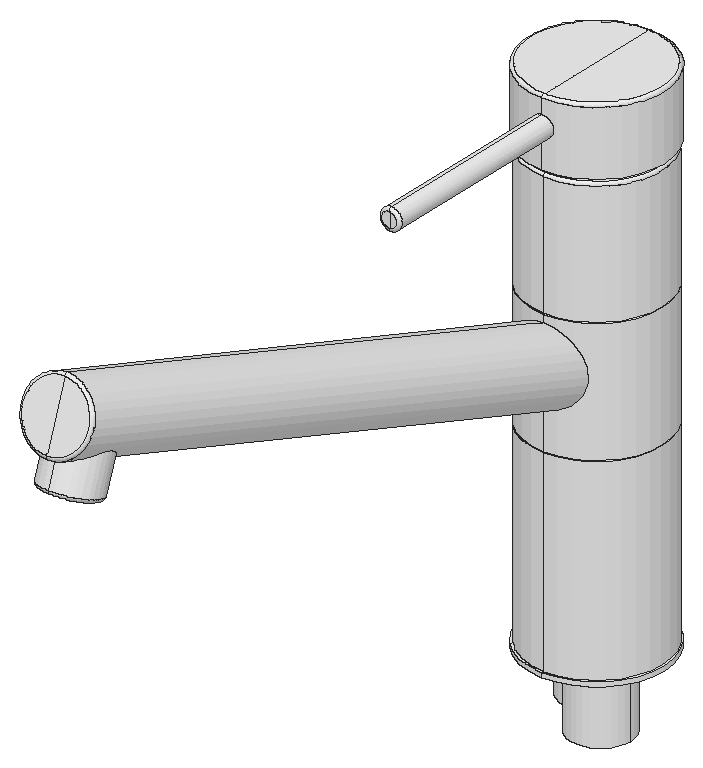
Revit family "Mixer-Sink-Irwell Pin Lever", category Plumbing Fixtures, host Face, Revit 2013
Parameters (values of type "Standard")
  Waste Connection = no
  Vent Connection = no
  URL = "www.irwell.com.au"
  Type Comments = "Irwell Pin Lever Sink Mixer"  # constant formula
  ModifiedIssue_ANZRS = 2013.1  # constant formula
  Model = "872551C4A"  # constant formula
  Material_ANZRS = Metal-Chrome-Caroma
  Manufacturer = "GWA Bathrooms & Kitchens"  # constant formula
  HWFU = 1.98  # constant formula
  HW Connection = yes
  Description = "WELS 4 Star Rated, 7.5L/min"  # constant formula
  Default Elevation = 0 mm
  CreatedBy_ANZRS = "Design Content"  # constant formula
  CreatedByURL_ANZRS = "www.designcontent.com.au"
  Cost = 0
  Connector Radius = 10 mm
  CWFU = 1.98  # constant formula
  CW Connection = yes
  Assembly Code = "C1030210"
Reference planes
  plane 1 "Center (Front/Back)": y = 0
  plane 2: z = 0
  plane 3 "Center (Left/Right)": x = 0
Forms (mm)
  Revolve 1, solid, material "Metal-Chrome-Caroma" <- "Material_ANZRS"
    sketch origin (0, 0, 0) x (0, 1, 0) y (0, 0, 1)
      loop
        line (0, 0) -> (0, 1.5) -> (-22.68, 1.5) -> (-22.68, 0) -> (0, 0)
      axis (0, 0) -> (0, 1.5)
    angle from 0 to 360
  Revolve 2, solid, material "Metal-Chrome-Caroma" <- "Material_ANZRS"
    sketch origin (0, -129.116, 51.581) x (0, 1, 0) y (0, 0, 1)
      loop
        line (42.586, 115.967) -> (42.586, 113.419) -> (117.568, 113.419) -> (117.568, 116.943) -> (43.563, 116.943)
        arc (43.563, 116.943) -> (42.872, 116.657) -> (42.586, 115.967) r 0.977
      axis (42.586, 113.419) -> (117.568, 113.419)
    angle from 0 to 360
  Revolve 3, solid, material "Metal-Chrome-Caroma" <- "Material_ANZRS"
    sketch origin (0, -169.116, -46.929) x (0, 1, 0) y (0, 0, 1)
      loop
        line (-53.056, 224.757) -> (-56.819, 214.42) -> (164.009, 134.045) -> (168.108, 145.306) -> (-51.797, 225.345)
        arc (-51.797, 225.345) -> (-52.548, 225.312) -> (-53.056, 224.757) r 0.983
      axis (-56.819, 214.42) -> (164.009, 134.045)
    angle from 0 to 360
  Revolve 4, solid, material "Metal-Chrome-Caroma" <- "Material_ANZRS"
    sketch origin (0, -67.487, 0) x (0, 1, 0) y (0, 0, 1)
      loop
        line (-152.754, 142.222) -> (-144.751, 139.309)
        arc (-144.751, 139.309) -> (-144, 139.342) -> (-143.493, 139.896) r 0.982
        line (-143.493, 139.896) -> (-136.274, 159.729) -> (-145.2, 162.978) -> (-152.754, 142.222)
      axis (-152.754, 142.222) -> (-145.2, 162.978)
    angle from 0 to 360
  Extrusion 5, solid, material "Metal-Chrome-Caroma" <- "Material_ANZRS"
    sketch origin (14.142, 0, 0) x (1, 0, 0) y (0, 1, 0)
      loop
        circle (-7.071, -7.071) r 10
    from -20 to 0
  Extrusion 6, solid, material "Metal-Chrome-Caroma" <- "Material_ANZRS"
    sketch origin (-14.142, 0, 0) x (-1, 0, 0) y (0, -1, 0)
      loop
        circle (-7.071, -7.071) r 10
    from -20 to 0
  Revolve 7, solid, material "Metal-Chrome-Caroma" <- "Material_ANZRS"
    sketch origin (0, 0, 0) x (0, 1, 0) y (0, 0, 1)
      loop
        line (-21.981, 1.5) -> (0, 1.5) -> (0, 174.5) -> (-21.733, 174.5)
        arc (-21.733, 174.5) -> (-22.438, 174.208) -> (-22.73, 173.503) r 0.997
        line (-22.73, 173.503) -> (-22.73, 152) -> (-20.63, 152)
        arc (-20.63, 152) -> (-20.82, 151.253) -> (-20.981, 150.5) r 19.78
        arc (-20.981, 150.5) -> (-21.688, 150.206) -> (-21.981, 149.499) r 1.001
        line (-21.981, 149.499) -> (-21.981, 108.776) -> (-19.493, 108.776) -> (-19.493, 67) -> (-21.981, 67) -> (-21.981, 1.5)
      axis (0, 1.5) -> (0, 174.5)
    angle from 0 to 360
  Revolve 8, solid, material "Metal-Chrome-Caroma" <- "Material_ANZRS"
    sketch origin (0, 0, 0) x (0, 1, 0) y (0, 0, 1)
      loop
        line (-21.981, 67.37) -> (0, 67.37) -> (0, 108.37) -> (-21.981, 108.37) -> (-21.981, 67.37)
      axis (0, 67.37) -> (0, 108.37)
    angle from 0 to 360
Cuts and joins
  joined: Revolve 1, Revolve 2, Revolve 3, Revolve 4, Revolve 7, Revolve 8
Lines and regions (mm)
  Masking region 1
    outline origin (0, 0, 0) x (0, 1, 0) y (0, 0, 1)
      loop
        line (-21.981, 1.5) -> (0, 1.5) -> (21.981, 1.5) -> (21.981, 149.499)
        arc (21.981, 149.499) -> (21.688, 150.206) -> (20.981, 150.5) r 1.001
        arc (20.981, 150.5) -> (20.82, 151.253) -> (20.63, 152) r 19.78
        line (20.63, 152) -> (22.73, 152) -> (22.73, 173.503)
        arc (22.73, 173.503) -> (22.438, 174.208) -> (21.733, 174.5) r 0.997
        line (21.733, 174.5) -> (0, 174.5) -> (-21.733, 174.5)
        arc (-21.733, 174.5) -> (-22.438, 174.208) -> (-22.73, 173.503) r 0.997
        line (-22.73, 173.503) -> (-22.73, 168.524) -> (-85.51, 168.524)
        arc (-85.51, 168.524) -> (-86.217, 168.231) -> (-86.51, 167.524) r 1
        line (-86.51, 167.524) -> (-86.51, 162.476)
        arc (-86.51, 162.476) -> (-86.217, 161.769) -> (-85.51, 161.476) r 1
        line (-85.51, 161.476) -> (-22.73, 161.476) -> (-22.73, 152) -> (-20.63, 152)
        arc (-20.63, 152) -> (-20.82, 151.253) -> (-20.981, 150.5) r 19.78
        arc (-20.981, 150.5) -> (-21.688, 150.206) -> (-21.981, 149.499) r 1.001
        line (-21.981, 149.499) -> (-21.981, 106.098) -> (-220.877, 178.49)
        arc (-220.877, 178.49) -> (-221.641, 178.457) -> (-222.158, 177.892) r 1
        line (-222.158, 177.892) -> (-229.672, 157.25)
        arc (-229.672, 157.25) -> (-229.638, 156.485) -> (-229.074, 155.968) r 1
        line (-229.074, 155.968) -> (-225.787, 154.772) -> (-228.798, 146.5)
        arc (-228.798, 146.5) -> (-228.765, 145.736) -> (-228.2, 145.219) r 1
        line (-228.2, 145.219) -> (-212.228, 139.405)
        arc (-212.228, 139.405) -> (-211.463, 139.438) -> (-210.946, 140.003) r 1
        line (-210.946, 140.003) -> (-207.935, 148.274) -> (-21.981, 80.592) -> (-21.981, 1.5)
  Masking region 2
    outline origin (0, 0, 0) x (1, 0, 0) y (0, 0, 1)
      loop
        line (21.981, 1.5) -> (21.981, 149.499)
        arc (21.981, 149.499) -> (21.688, 150.206) -> (20.981, 150.5) r 1.001
        arc (20.981, 150.5) -> (20.82, 151.253) -> (20.63, 152) r 19.78
        line (20.63, 152) -> (22.73, 152) -> (22.73, 173.503)
        arc (22.73, 173.503) -> (22.438, 174.208) -> (21.733, 174.5) r 0.997
        line (21.733, 174.5) -> (9.131, 174.5)
        spline (9.131, 174.5) -> (7.918, 175.652) -> (6.541, 176.629) -> (5.028, 177.41) -> (3.411, 177.981) -> (1.723, 178.327) -> (0, 178.444) -> (-1.723, 178.327) -> (-3.411, 177.981) -> (-5.028, 177.41) -> (-6.541, 176.629) -> (-7.918, 175.652) -> (-9.131, 174.5)
        line (-9.131, 174.5) -> (-21.733, 174.5)
        arc (-21.733, 174.5) -> (-22.438, 174.208) -> (-22.73, 173.503) r 0.997
        line (-22.73, 173.503) -> (-22.73, 152) -> (-20.63, 152)
        arc (-20.63, 152) -> (-20.82, 151.253) -> (-20.981, 150.5) r 19.78
        arc (-20.981, 150.5) -> (-21.688, 150.206) -> (-21.981, 149.499) r 1.001
        line (-21.981, 149.499) -> (-21.981, 1.5) -> (0, 1.5) -> (21.981, 1.5)
  Masking region 3
    outline origin (0, 0, 0) x (1, 0, 0) y (0, 1, 0)
      loop
        line (11.984, -225.542) -> (11.984, -19.047)
        arc (11.984, -19.047) -> (0, 22.73) -> (-11.984, -19.047) r 22.608
        line (-11.984, -19.047) -> (-11.984, -225.573)
        spline (-11.984, -225.573) -> (-11.576, -226.66) -> (-10.379, -227.672) -> (-8.476, -228.541) -> (-5.995, -229.209) -> (-3.105, -229.628) -> (-0.005, -229.771) -> (3.096, -229.628) -> (5.985, -229.209) -> (8.466, -228.541) -> (10.37, -227.672) -> (11.566, -226.66) -> (11.984, -225.542)
  Masking region 4
    outline origin (0, 0, 0) x (0, 1, 0) y (0, 0, 1)
      loop
        line (22.68, 1.5) -> (-22.68, 1.5) -> (-22.68, 0) -> (22.68, 0) -> (22.68, 1.5)
  Masking region 5
    outline origin (0, 0, 0) x (1, 0, 0) y (0, 0, 1)
      loop
        line (-22.679, 0) -> (22.679, 0) -> (22.679, 1.5) -> (-22.679, 1.5) -> (-22.679, 0)
  symbolic lines
    curve 1: arc (0, -22.504, 0) -> (-22.504, 0, 0) -> (0, 22.504, 0) r 22.504
    curve 2: arc (0, 22.504, 0) -> (22.504, 0, 0) -> (0, -22.504, 0) r 22.504
    curve 3: arc (0, -22.73, 168.524) -> (0, -22.441, 165) -> (0, -22.73, 161.476) r 21.611
    curve 4: line (0, 20.63, 152) -> (0, -20.63, 152)
    curve 5: line (0, -20.981, 150.5) -> (0, 20.981, 150.5)
    curve 6: line (-20.63, 0, 152) -> (-12, 0, 152)
    curve 7: line (-20.981, 0, 150.5) -> (-12, 0, 150.5)
    curve 8: line (-3.498, -22.46, 0) -> (-3.498, -85.535, 0)
    curve 9: line (-2.498, -86.535, 0) -> (0, -86.535, 0)
    curve 10: arc (-3.498, -85.535, 0) -> (-3.205, -86.242, 0) -> (-2.498, -86.535, 0) r 1
    curve 11: line (3.498, -22.46, 0) -> (3.498, -85.535, 0)
    curve 12: line (2.498, -86.535, 0) -> (0, -86.535, 0)
    curve 13: arc (3.498, -85.535, 0) -> (3.205, -86.242, 0) -> (2.498, -86.535, 0) r 1
    curve 14: line (0, -21.981, 106.011) -> (0, -21.981, 80.505)
    curve 15: line (0, -207.959, 148.196) -> (0, -225.811, 154.693)
    curve 16: line (0, -21.981, 108.37) -> (0, 21.981, 108.37)
    curve 17: line (0, -21.981, 108.776) -> (0, 21.981, 108.776)
    curve 18: line (0, -21.981, 67.37) -> (0, 21.981, 67.37)
    curve 19: line (0, -21.981, 67) -> (0, 21.981, 67)
    curve 20: line (-21.981, 0, 67) -> (21.981, 0, 67)
    curve 21: line (21.981, 0, 67.37) -> (-21.981, 0, 67.37)
    curve 22: line (-12, 0, 91.849) -> (-12, 0, 167.213)
    curve 23: spline (-12, 0, 167.213) -> (-11.591, 0, 170.119) -> (-10.392, 0, 172.828) -> (-8.485, 0, 175.154) -> (-6, 0, 176.939) -> (-3.106, 0, 178.061) -> (0, 0, 178.444) -> (3.106, 0, 178.061) -> (6, 0, 176.939) -> (8.485, 0, 175.154) -> (10.392, 0, 172.828) -> (11.591, 0, 170.119) -> (12, 0, 167.213)
    curve 24: line (12, 0, 91.849) -> (12, 0, 167.213)
    curve 25: spline (-12, 0, 91.849) -> (-11.591, 0, 88.913) -> (-10.392, 0, 86.177) -> (-8.485, 0, 83.828) -> (-6, 0, 82.025) -> (-3.106, 0, 80.892) -> (0, 0, 80.505) -> (3.106, 0, 80.892) -> (6, 0, 82.025) -> (8.485, 0, 83.828) -> (10.392, 0, 86.177) -> (11.591, 0, 88.913) -> (12, 0, 91.849)
    curve 26: arc (-5.757, 0, 155.394) -> (-2.9, 0, 154.869) -> (0, 0, 154.693) r 23.985
    curve 27: arc (-8.662, 0, 156.251) -> (-7.219, 0, 155.79) -> (-5.757, 0, 155.394) r 34.149
    curve 28: arc (-9.209, 0, 156.288) -> (-8.933, 0, 156.306) -> (-8.662, 0, 156.251) r 1.053
    curve 29: arc (-9.505, 0, 155.846) -> (-9.449, 0, 156.129) -> (-9.209, 0, 156.288) r 0.376
    curve 30: line (-9.505, 0, 155.846) -> (-9.505, 0, 143.151)
    curve 31: arc (5.757, 0, 155.394) -> (2.9, 0, 154.869) -> (0, 0, 154.693) r 23.985
    curve 32: arc (8.662, 0, 156.251) -> (7.219, 0, 155.79) -> (5.757, 0, 155.394) r 34.149
    curve 33: arc (9.209, 0, 156.288) -> (8.933, 0, 156.306) -> (8.662, 0, 156.251) r 1.053
    curve 34: arc (9.505, 0, 155.846) -> (9.449, 0, 156.129) -> (9.209, 0, 156.288) r 0.376
    curve 35: line (9.505, 0, 155.846) -> (9.505, 0, 143.151)
    curve 36: spline (-9.505, 0, 143.151) -> (-9.181, 0, 142.14) -> (-8.232, 0, 141.197) -> (-6.721, 0, 140.388) -> (-4.753, 0, 139.768) -> (-2.46, 0, 139.377) -> (0, 0, 139.244) -> (2.46, 0, 139.377) -> (4.753, 0, 139.768) -> (6.721, 0, 140.388) -> (8.232, 0, 141.197) -> (9.181, 0, 142.14) -> (9.505, 0, 143.151)
    curve 37: spline (-12, 0, 167.213) -> (-11.591, 0, 164.287) -> (-10.392, 0, 161.56) -> (-8.485, 0, 159.219) -> (-6, 0, 157.422) -> (-3.106, 0, 156.293) -> (0, 0, 155.908) -> (3.106, 0, 156.293) -> (6, 0, 157.422) -> (8.485, 0, 159.219) -> (10.392, 0, 161.56) -> (11.591, 0, 164.287) -> (12, 0, 167.213)
    curve 38: spline (-8.573, 0, 142.407) -> (-8.281, 0, 143.121) -> (-7.426, 0, 143.786) -> (-6.067, 0, 144.357) -> (-4.295, 0, 144.795) -> (-2.231, 0, 145.07) -> (-0.017, 0, 145.164) -> (2.198, 0, 145.07) -> (4.261, 0, 144.795) -> (6.033, 0, 144.357) -> (7.393, 0, 143.786) -> (8.248, 0, 143.121) -> (8.539, 0, 142.407)
    curve 39: line (12, 0, 152) -> (20.63, 0, 152)
    curve 40: line (12, 0, 150.5) -> (20.981, 0, 150.5)
Dimensions and locks
  aligned and locked: plane 2 to host face
  aligned and locked: level to host face
Connectors
  piping at (7.071, -7.071, -20), driven by "Connector Radius", driven by "CWFU"
    settings: on Extrusion 5, index 3, connector radius 0.3937", flow factor 0, pipe flow 0 GPM, pressure drop 0.00 psi, fitting loss kfactor 0, connector angle 0.00°, fixture units 1.98, engagement length 0 mm, flow configuration 3, flow direction 1, fitting loss method 1, system type 20, joint type 0, gender type 0, connector reference index -1, connector utility 0, adjustable connector no, is connector primary yes, fitting loss table "Outlet", connector description "Cold Inlet"
  piping at (-7.071, 7.071, -20), driven by "Connector Radius", driven by "HWFU"
    settings: on Extrusion 6, index 4, connector radius 0.3937", flow factor 0, pipe flow 0 GPM, pressure drop 0.00 psi, fitting loss kfactor 0, connector angle 0.00°, fixture units 1.98, engagement length 0 mm, flow configuration 3, flow direction 1, fitting loss method 1, system type 19, joint type 0, gender type 0, connector reference index -1, connector utility 0, adjustable connector no, is connector primary no, fitting loss table "Outlet", connector description "Hot Inlet"
